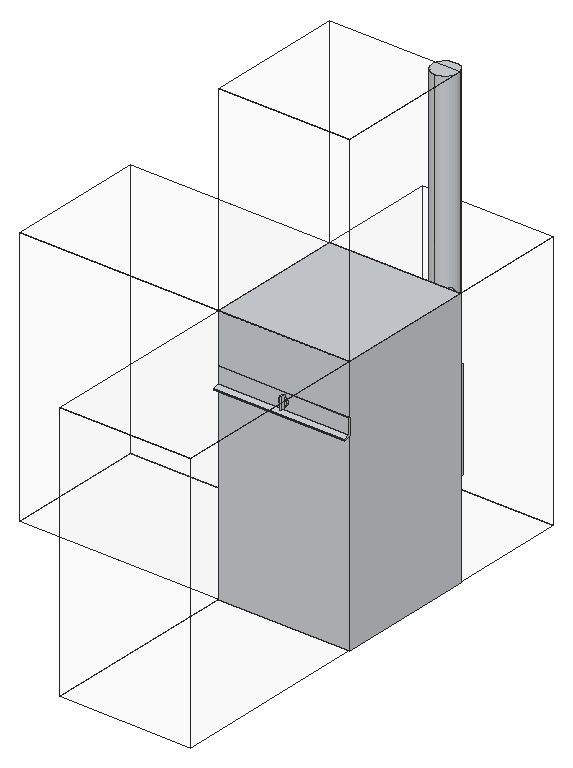
Revit family "Outdoor Armor Water Heater OAN151-OAN286", category Mechanical Equipment, Revit 2014
Parameters (values of type "OAN151")
  Center of Flue = 7 1/2"
  Water Conn Radius = 5/8"
  WATER CONN SIZE = Water Conn Radius * 2  # 1 1/4"
  SES BIM Studio # = "16 0649 04-1"
  J_ Flue Depth = Center of Flue + Flue Radius  # 9"
  F_ Water Outlet Offset = 10"
  G_Water Inlet Offset = 1 3/4"
  WIDTH = 15 3/4"
  Voltage/Heater = "120"
  Voltage/Control = "24"
  URL = "http://www.lochinvar.com/products/Default.aspx?type=ProductLine&lineID=195"
  Total Amps = "0.5"
  Model = "OAN151"
  Manufacturer = "Lochinvar"
  MODEL NO. = Model  # "OAN151"
  Gas Conn Radius = 1/4"
  H_Gas Conn Offset = 12"
  I_Gas Conn Height = 23"
  GAS CONN SIZE = Gas Conn Radius * 2  # 1/2"
  GALLON CAPACITY = ""
  Flue Radius = 1 1/2"
  VENT SIZE = Flue Radius * 2  # 3"
  D_ Drain Offset = 12"
  C_ DEPTH = 16 3/4"
  INPUT RATE (BTUH) = "150,000"
  A_HEIGHT = 31 1/4"
  FUEL TYPE = "NATURAL GAS"
  Description = "Outdoor Armor Water Heater"
  Fuel Type = "Natural or LP"
  E_Condensate Drain Offset = 11 1/2"
  Air Inlet Radius = 1 1/2"
  K_Flue Height = 49 1/2"
  # of Electrical Connections = "1"
Types (4): name | Center of Flue | Water Conn Radius | WATER CONN SIZE | J_ Flue Depth | F_ Water Outlet Offset | G_Water Inlet Offset | WIDTH | Total Amps | Model | MODEL NO. | Gas Conn Radius | H_Gas Conn Offset | I_Gas Conn Height | GAS CONN SIZE | Flue Radius | VENT SIZE | D_ Drain Offset | C_ DEPTH | INPUT RATE (BTUH) | A_HEIGHT | E_Condensate Drain Offset | K_Flue Height
  (no name) | 7 1/2" | 5/8" | 1 1/4" | 9" | 10" | 1 3/4" | 15 3/4" | "0.5" | "OAN151" | "OAN151" | 1/4" | 12" | 23" | 1/2" | 1 1/2" | 3" | 12" | 16 3/4" | "150,000" | 31 1/4" | 11 1/2" | 49 1/2"
  OAN151 | 7 1/2" | 5/8" | 1 1/4" | 9" | 10" | 1 3/4" | 15 3/4" | "0.5" | "OAN151" | "OAN151" | 1/4" | 12" | 23" | 1/2" | 1 1/2" | 3" | 12" | 16 3/4" | "150,000" | 31 1/4" | 11 1/2" | 49 1/2"
  OAN200 | 7 3/4" | 5/8" | 1 1/4" | 9 1/4" | 14 1/2" | 5 1/4" | 15 1/2" | "0.5" | "OAN211" | "OAN211" | 1/4" | 16 1/2" | 23" | 1/2" | 1 1/2" | 3" | 16 1/2" | 20 1/4" | "199,000" | 31 1/4" | 15 3/4" | 49 3/4"
  OAN286 | 7 1/4" | 1" | 2" | 9 1/4" | 6 1/4" | 2 1/2" | 15 1/2" | "1.0" | "OAN286" | "OAN286" | 3/8" | 14" | 35 3/4" | 3/4" | 2" | 4" | 13 1/4" | 17 3/4" | "285,000" | 42 1/2" | 13 1/2" | 52"
Reference planes (in)
  plane 1 "Center (Front/Back)": y = 6.125
  plane 2: z = 0
  plane 3 "Center (Left/Right)": x = -1.39218
  plane 4 "Back": y = 14.5
  plane 5 "Front": y = -2.25
  plane 6 "Top": z = 31.25
  plane 7 "Right": x = 6.48282
  plane 8 "Left": x = -9.26718
  plane 9 "Front Clearance": y = -26.25
  plane 10 "Back Clearance": y = 28.5
  plane 11 "Left Clearance": x = -33.26718
  plane 12 "Top Clearance": z = 55.25
  plane 13 "center of flue": y = 22
  plane 14: z = 49.5
  plane 15 "Flue Left": x = -5.89218
  plane 16 "Flue Right": x = 3.10782
Forms (in)
  Extrusion 1, solid
    sketch origin (-38.1296, -180, 3) x (-1, 0, 0) y (0, -1, 0)
      loop
        line (-28.86242, -194.5) -> (-28.86242, -177.75) -> (-44.61242, -177.75) -> (-44.61242, -194.5) -> (-28.86242, -194.5)
    from 28.25 to -3
  Extrusion 2, solid, material "Clearance"
    sketch origin (-15.62351, 24, -0.75) x (1, 0, 0) y (0, 1, 0)
      loop
        line (6.35633, 4.5) -> (6.35633, -9.5) -> (22.10633, -9.5) -> (22.10633, 4.5) -> (6.35633, 4.5)
    from 0.75 to 32
  Extrusion 3, solid, material "Clearance"
    sketch origin (0, 0, 31.25) x (-1, 0, 0) y (0, -1, 0)
      loop
        line (9.26718, 2.25) -> (9.26718, 26.25) -> (-6.48282, 26.25) -> (-6.48282, 2.25) -> (9.26718, 2.25)
    from -31.25 to 0
  Extrusion 4, solid
    sketch origin (-9.26718, 0, 0) x (0, 1, 0) y (0, 0, 1)
      loop
        circle (12.75, 15.5) r 0.625
    from 0 to -1
  Extrusion 5, solid
    sketch origin (-9.26718, 0, 0) x (0, 1, 0) y (0, 0, 1)
      loop
        circle (4.5, 15.5) r 0.625
    from 0 to -1
  Extrusion 6, solid
    sketch origin (-9.26718, 0, 0.25) x (0, 1, 0) y (0, 0, 1)
      loop
        circle (3, 6.5) r 0.5
    from 0 to -1
  Extrusion 7, solid
    sketch origin (-9.26718, 0.5, 6.5) x (0, 1, 0) y (0, 0, 1)
      loop
        circle (2, 9) r 0.375
    from 0 to -1
  Extrusion 8, solid, material "Clearance"
    sketch origin (-24, 14, 31.25) x (-1, 0, 0) y (0, -1, 0)
      loop
        line (9.26718, -0.5) -> (9.26718, 16.25) -> (-14.73282, 16.25) -> (-14.73282, -0.5) -> (9.26718, -0.5)
    from -31.25 to 0
  Extrusion 9, solid
    sketch origin (-9.26718, 0, 0) x (0, 1, 0) y (0, 0, 1)
      loop
        circle (2.625, 23) r 0.25
    from 0 to -1
  Extrusion 10, solid, material "Clearance"
    sketch origin (-38.1296, -180, 27) x (-1, 0, 0) y (0, -1, 0)
      loop
        line (-28.86242, -194.5) -> (-28.86242, -177.75) -> (-44.61242, -177.75) -> (-44.61242, -194.5) -> (-28.86242, -194.5)
    from 28.25 to 4.25
  Extrusion 11, solid
    sketch origin (6, 14.5, 0) x (1, 0, 0) y (0, 0, 1)
      loop
        circle (-1.39218, 30) r 0.75
    from 0 to -1
  Sweep 12, solid
    path origin (-9.14218, -13.25, -2.5) x (0, 1, 0) y (0, 0, 1)
      loop
        line (27.75, 13.75) -> (31.25, 13.75)
        arc (31.25, 13.75) -> (34.07843, 14.92157) -> (35.25, 17.75) r 4
        line (35.25, 17.75) -> (35.25, 52)
    profile origin (-9.14218, 16.25, 11.25) x (0, 0, 1) y (1, 0, 0)
      loop
        circle (0, 7.75) r 1.5
  Extrusion 13, solid
    sketch origin (-1.39218, 0, 0) x (0, 1, 0) y (0, 0, 1)
      loop
        line (19, 20.5) -> (14.5, 23.5) -> (14.5, 8.5) -> (19, 8.5) -> (19, 20.5)
    from 4.5 to -4.5
  Extrusion 14, solid
    sketch origin (-1.39218, 0, -6) x (0, 1, 0) y (0, 0, 1)
      loop
        line (-2.25, 31.25) -> (-2.3161, 31.25) -> (-2.3161, 29.32915) -> (-3.04055, 29.13504) -> (-3.01633, 29.04466) -> (-2.25, 29.25) -> (-2.25, 31.25)
    from 7.875 to -7.875
  Extrusion 15, solid
    sketch origin (0, -2.25, 0) x (1, 0, 0) y (0, 0, 1)
      loop
        line (-1.51887, 25) -> (-1.51887, 23.5) -> (-1.26549, 23.5) -> (-1.26549, 25) -> (-1.51887, 25)
    from 0 to 0.5
  Extrusion 16, solid
    sketch origin (0, -2.25, 0) x (1, 0, 0) y (0, 0, 1)
      loop
        circle (-1.39218, 24.25) r 0.5
    from 0 to 0.25
Dimensions and locks (in)
  "A_HEIGHT": plane 6 "Top" to level
  equal spacing: plane 8 "Left", plane 3 "Center (Left/Right)", plane 7 "Right"
  "WIDTH": plane 8 "Left" to plane 7 "Right"
  equal spacing: plane 5 "Front", plane 1 "Center (Front/Back)", plane 4 "Back"
  "C_ DEPTH": plane 5 "Front" to plane 4 "Back"
  locked: plane 9 "Front Clearance" to plane 5 "Front" at 24
  locked: Extrusion 1 to Extrusion 4 at 15.5
  "F_ Water Outlet Offset": plane 4 "Back" to Extrusion 5 sketch curve
  locked: Extrusion 1 to Extrusion 6 at 6.75
  "E_Condensate Drain Offset": plane 4 "Back" to Extrusion 6 sketch curve
  "D_ Drain Offset": Extrusion 2 to Extrusion 7 sketch curve
  "G_Water Inlet Offset": plane 4 "Back" to Extrusion 4 sketch curve
  "I_Gas Conn Height": Extrusion 3 to Extrusion 9 sketch curve
  locked: plane 12 "Top Clearance" to plane 6 "Top" at 24
  locked: plane 11 "Left Clearance" to plane 8 "Left" at 24
  locked: plane 10 "Back Clearance" to plane 4 "Back" at 14
  level to Extrusion 11 sketch curve = 30"
  locked: Sweep 12 sketch curve to level at 11.25
  "Center of Flue": plane 13 "center of flue" to plane 4 "Back"
  "K_Flue Height": plane 14 to level
  equal spacing: plane 16 "Flue Right", plane 3 "Center (Left/Right)", plane 15 "Flue Left"
  equal spacing: Extrusion 15 sketch curve, plane 3 "Center (Left/Right)", Extrusion 15 sketch curve
  locked: Extrusion 3 to Extrusion 7 at 15.5
  "Water Conn Radius": radius of Extrusion 4 sketch curve
  "Water Conn Radius": radius of Extrusion 5 sketch curve
  radius of Extrusion 6 sketch curve = 1/2"
  radius of Extrusion 9 sketch curve = 1/4"
  "Flue Radius": radius of Sweep 12 sketch curve
  diameter of Extrusion 7 sketch curve = 3/4"
  aligned and locked: plane 5 "Front" to Extrusion 1
  aligned and locked: Extrusion 1 to level
  aligned and locked: Extrusion 3 sketch curve to Extrusion 1  (x2)
  aligned and locked: plane 7 "Right" to Extrusion 3 sketch curve
  aligned and locked: Extrusion 3 to Extrusion 1
  aligned and locked: Extrusion 2 to Extrusion 1  (x4)
  aligned and locked: plane 4 "Back" to Extrusion 2
  aligned and locked: Extrusion 2 to plane 8 "Left"
  aligned and locked: Extrusion 2 to plane 7 "Right"
  aligned and locked: Extrusion 1 to plane 7 "Right"
  aligned and locked: Extrusion 3 to plane 5 "Front"
  aligned and locked: Extrusion 1 to plane 4 "Back"
  aligned and locked: plane 6 "Top" to Extrusion 1
  aligned and locked: plane 6 "Top" to Extrusion 2
  aligned and locked: Extrusion 2 to plane 10 "Back Clearance"
  aligned and locked: plane 5 "Front" to Extrusion 8
  aligned and locked: plane 8 "Left" to Extrusion 8
  aligned and locked: Extrusion 8 to plane 11 "Left Clearance"
  aligned and locked: Extrusion 8 to plane 4 "Back"
  aligned and locked: plane 12 "Top Clearance" to Extrusion 10
  aligned and locked: Extrusion 10 to plane 6 "Top"
  aligned and locked: Extrusion 10 to plane 7 "Right"
  aligned and locked: Extrusion 10 to plane 8 "Left"
  aligned and locked: Sweep 12 sketch curve to plane 13 "center of flue"
  aligned and locked: plane 16 "Flue Right" to Extrusion 13
  aligned and locked: Extrusion 13 to plane 15 "Flue Left"
  aligned and locked: Extrusion 8 to Extrusion 1
  aligned and locked: Extrusion 14 to plane 7 "Right"
  aligned and locked: Extrusion 14 to plane 8 "Left"
Automatic sketch dimensions
  plane 4 "Back" to Extrusion 1 sketch curve = 0"
  Extrusion 1 sketch curve to plane 7 "Right" = 0"
  plane 5 "Front" to Extrusion 1 sketch curve = 0"
  Extrusion 1 sketch curve to plane 8 "Left" = 0"
  plane 4 "Back" to Extrusion 2 sketch curve = 0"
  Extrusion 2 sketch curve to plane 8 "Left" = 0"
  Extrusion 2 sketch curve to plane 7 "Right" = 0"
  plane 10 "Back Clearance" to Extrusion 2 sketch curve = 0"
  plane 9 "Front Clearance" to Extrusion 3 sketch curve = 0"
  level to Extrusion 4 sketch curve = 15 1/2"
  level to Extrusion 5 sketch curve = 15 1/2"
  level to Extrusion 6 sketch curve = 6 3/4"
  plane 4 "Back" to Extrusion 8 sketch curve = 0"
  Extrusion 8 sketch curve to plane 8 "Left" = 0"
  plane 5 "Front" to Extrusion 8 sketch curve = 0"
  Extrusion 8 sketch curve to plane 11 "Left Clearance" = 0"
  plane 1 "Center (Front/Back)" to Extrusion 9 sketch curve = 3 1/2"
  Extrusion 10 sketch curve to plane 4 "Back" = 0"
  Extrusion 10 sketch curve to plane 7 "Right" = 0"
  plane 5 "Front" to Extrusion 10 sketch curve = 0"
  Extrusion 10 sketch curve to plane 8 "Left" = 0"
  plane 3 "Center (Left/Right)" to Extrusion 11 sketch curve = 6"
  Sweep 12 sketch curve to plane 4 "Back" = 0"
  Sweep 12 sketch curve to plane 14 = 0"
  Sweep 12 sketch curve to Sweep 12 sketch curve = 3 1/2"
  Extrusion 13 sketch curve to plane 4 "Back" = 0"
  plane 13 "center of flue" to Extrusion 13 sketch curve = 3"
  level to Extrusion 13 sketch curve = 8 1/2"
  Extrusion 13 sketch curve to Extrusion 13 sketch curve = 12"
  Extrusion 13 sketch curve to Extrusion 13 sketch curve = 3"
  Extrusion 14 sketch curve to plane 6 "Top" = 6"
  Extrusion 14 sketch curve to plane 5 "Front" = 0"
  Extrusion 14 sketch curve to Extrusion 14 sketch curve = 0.0661"
  Extrusion 14 sketch curve to Extrusion 14 sketch curve = 0.02422"
  Extrusion 14 sketch curve to Extrusion 14 sketch curve = 0.07915"
  plane 5 "Front" to Extrusion 14 sketch curve = 0.76633"
  Extrusion 14 sketch curve to plane 6 "Top" = 7.92085"
  Extrusion 15 sketch curve to plane 6 "Top" = 7 3/4"
  Extrusion 15 sketch curve to plane 3 "Center (Left/Right)" = 0.12669"
  Extrusion 15 sketch curve to Extrusion 15 sketch curve = 1 1/2"
  Extrusion 16 sketch curve to plane 3 "Center (Left/Right)" = 0"
  Extrusion 16 sketch curve to plane 6 "Top" = 7"
  level to Extrusion 7 sketch curve = 15 1/2"
  Sweep 12 sketch curve to profile plane = 0"
  profile plane to Sweep 12 sketch curve = 7 3/4"
  radius of Extrusion 11 sketch curve = 3/4"
  radius of Extrusion 16 sketch curve = 1/2"
Connectors (in)
  piping at (-10.26718, 12.75, 15.5), diameter 1.25, driven by "Water Conn Radius"
    settings: on Extrusion 4, index 3, connector inside diameter 1", connector length 0", flow factor 0, pipe flow 0 GPM, pressure drop 0.00 psi, fitting loss kfactor 0, connector angle 0.00°, fixture units 0, engagement length 0", angle of deflection 0.00°, flow configuration 1, flow direction 1, fitting loss method 4, system type 8, joint type 0, gender type 0, connector reference index -1, connector utility 0, adjustable connector no, is connector primary yes, connector description "Water Inlet"
  piping at (-10.26718, 4.5, 15.5), diameter 1.25, driven by "Water Conn Radius"
    settings: on Extrusion 5, index 4, connector inside diameter 1 1/4", connector length 0", flow factor 0, pipe flow 0 GPM, pressure drop 0.00 psi, fitting loss kfactor 0, connector angle 0.00°, fixture units 0, engagement length 0", angle of deflection 0.00°, flow configuration 0, flow direction 2, fitting loss method 0, system type 7, joint type 0, gender type 0, connector reference index -1, connector utility 0, adjustable connector no, is connector primary no, connector description "Water Outlet"
  piping at (-10.26718, 2.5, 15.5), diameter 0.5, driven by "Gas Conn Radius"
    settings: on Extrusion 7, index 5, connector inside diameter 3/4", connector length 0", flow factor 0, pipe flow 0 GPM, pressure drop 0.00 psi, fitting loss kfactor 0, connector angle 0.00°, fixture units 0, engagement length 0", angle of deflection 0.00°, flow configuration 3, flow direction 2, fitting loss method 0, system type 16, joint type 0, gender type 0, connector reference index -1, connector utility 0, adjustable connector no, is connector primary no, connector description "Drain"
  piping at (-10.26718, 3, 6.75), diameter 1
    settings: on Extrusion 6, index 6, connector inside diameter 1", connector length 0", flow factor 0, pipe flow 0 GPM, pressure drop 0.00 psi, fitting loss kfactor 0, connector angle 0.00°, fixture units 0, engagement length 0", angle of deflection 0.00°, flow configuration 0, flow direction 2, fitting loss method 0, system type 16, joint type 0, gender type 0, connector reference index -1, connector utility 0, adjustable connector no, is connector primary no, connector description "Cond Drain"
  piping at (-10.26718, 2.625, 23), diameter 0.5
    settings: on Extrusion 9, index 7, connector inside diameter 1/2", connector length 0", flow factor 0, pipe flow 0 GPM, pressure drop 0.00 psi, fitting loss kfactor 0, connector angle 0.00°, fixture units 0, engagement length 0", angle of deflection 0.00°, flow configuration 1, flow direction 1, fitting loss method 0, system type 22, joint type 0, gender type 0, connector reference index -1, connector utility 0, adjustable connector no, is connector primary no, connector description "Gas Conn"
  electrical at (4.60782, 15.5, 30)
    settings: on Extrusion 11, index 8, voltage 0 V, apparent load 0 VA, apparent load phase1 0 VA, apparent load phase2 0 VA, apparent load phase3 0 VA, power factor 1, load classification "Other", number of poles 1, system type 30, power factor state 1, is connector primary yes, connector utility no, sub classification motor no, connector description "Line Voltage"
  hvac at (-1.39218, 22, 49.5), driven by "Flue Radius"
    settings: on Sweep 12, index 9, duct flow 0 CFM, flow factor 0, pres drop 0.00 in-wg, loss coef 0, conn angle 0.00°, conn width 12", conn height 12", conn diameter 3", duct sys type 3, conn prof type 0, flow config 0, flow direction 2, loss method 0, conn ref index -1, conn util no, is conn primary yes, conn desc ""
